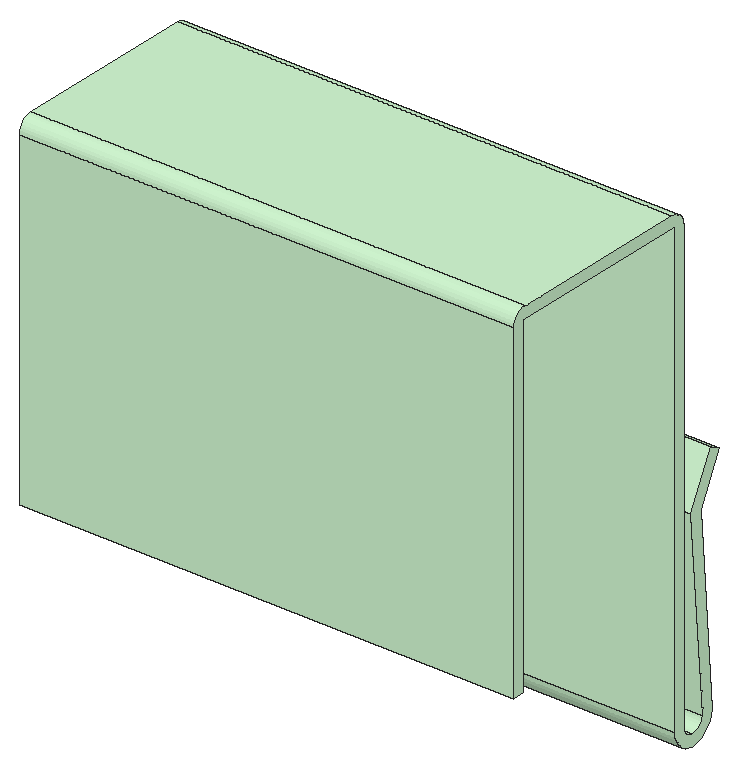
Revit family "sqspacer_w15", category 機械設備, Revit 2022
Family settings
  丸型コネクタ寸法 = 直径を使用
  種別 = なし
  パーツ タイプ = 標準
  作業面ベース = いいえ
  常に垂直 = はい
  ロード時にボイドで切り取り = いいえ
  注釈の向きを維持 = いいえ
  共有 = いいえ
  部屋計算ポイント = いいえ
Parameters
  製造元 = "株式会社桐井製作所"
  既定の高さ = 0 mm
  URL = "https://www.kirii.co.jp/"
  K_材質 = "溶融亜鉛めっき鋼板"
  K_品名 = "SQ-スペーサーW15"
  K_名称 = "SQ-BAR関連部材"
  K_入数 = "500"
  K_バージョン情報 = "20210524"
Reference planes
  plane 1 "中心(正面/背面)": y = 0
  plane 2: z = 0
  plane 3 "中心(左/右)": x = 0
Forms (mm)
  Extrusion 1, solid
    sketch origin (-17.5, 0, 0) x (0, 1, 0) y (0, 0, 1)
      loop
        line (-1.685, 34.5) -> (-14.685, 34.5)
        arc (-14.685, 34.5) -> (-15.394, 34.206) -> (-15.685, 33.496) r 1
        line (-15.685, 33.496) -> (-15.685, 10) -> (-14.885, 10) -> (-14.885, 33.7) -> (-1.485, 33.7) -> (-1.485, 1.6)
        arc (-1.485, 1.6) -> (-0.957, 0.494) -> (0.165, 0) r 1.763
        arc (0.165, 0) -> (1.286, 0.494) -> (1.815, 1.6) r 1.763
        line (1.815, 1.6) -> (0.815, 14.7) -> (2.436, 17.942) -> (1.72, 18.3) -> (0, 14.86) -> (1.013, 1.588)
        arc (1.013, 1.588) -> (0.733, 1.039) -> (0.165, 0.8) r 0.897
        arc (0.165, 0.8) -> (-0.408, 1.043) -> (-0.685, 1.6) r 0.897
        line (-0.685, 1.6) -> (-0.685, 33.5)
        arc (-0.685, 33.5) -> (-0.978, 34.207) -> (-1.685, 34.5) r 1
    from 0 to 35
Dimensions and locks
  aligned and locked: level to plane 2
